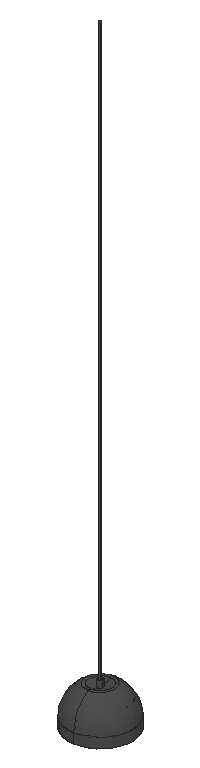
Revit family "Lighting_Pendants_Zero_Bob", category Lighting Fixtures, host Ceiling, Revit 2020
Family settings
  Host = Ceiling
  Round Connector Dimension = Use Diameter
  Part Type = Normal
  OmniClass Number = 23.80.70.00
  OmniClass Title = Lighting
  Always vertical = Yes
  Cut with Voids When Loaded = No
  Light Source = Yes
  Shared = No
  Room Calculation Point = No
Parameters (values of type "Bob Pendant - Black")
  Youtube clip = ""
  Weight Net (Kg) = "0"
  Wattage = 5.58765 W
  WarrantyStartDate [instance] = "n/a"
  WarrantyGuarantorParts = "n/a"
  WarrantyGuarantorLabor = "n/a"
  WarrantyDurationUnit = "Year"
  WarrantyDurationParts = "n/a"
  WarrantyDurationLabor = "n/a"
  WarrantyDescription = "n/a"
  built-in parameter 1150110 = 1 (stored number, unit not read)
  VersionDate = "31/08/2023"  # constant formula
  Version = "3"  # constant formula
  UsageCurrent = 0 A
  Uniformat II Description = ""
  Uniformat II Code = ""
  Uniclass2015Reference = "Pr_70_70_48_86"
  Uniclass2015Description = "Suspended luminaires"
  Uniclass2 = "Pr_70_70_49_86"
  Uniclass 2015 Name = ""
  Uniclass 2015 Code = ""
  Uniclass 2.0 Description = ""
  Uniclass 2.0 Code = ""
  Uniclass 1.4 Description = ""
  Uniclass 1.4 Code = ""
  URL = "https://www.zerolighting.com/pendants#/bob-inompe"
  UNSPSC Code = ""
  TotalWattage = 10 W
  built-in parameter 1114217 = 1 (stored number, unit not read)
  Tilt Angle = 90.00°
  built-in parameter 1150109 = 1 (stored number, unit not read)
  built-in parameter 1150134 = (empty or 0)
  Technical description = ""
  TagNumber [instance] = "n/a"
  SustainabilityPerformance = "n/a"
  built-in parameter 1150113 = 1 (stored number, unit not read)
  Size = "260x260x155 mm"
  Shape = "Sculptured"
  SerialNumber [instance] = "n/a"
  Revision = "2"  # constant formula
  ReplacementCost = "n/a"
  Region South America = "None"
  Region Oceania = "AU, NZ"
  Region North America = "BZ, CR, GT, HN, MX, NI, PA, SV, US"
  Region Middle East = "AE"
  Region Europe = "AD, AL, AT, AX, BA, BE, BG, BY, CH, CY, CZ, DE, DK, EE, ES, FI, FO, FR, GB, GG, GI, GR, HR, HU, IE, IM, IS, IT, JE, LI, LT, LU, LV, MC, MD, ME, MK, MT, NL, NO, PL, PT, RO, RS, RU, SE, SI, SJ, SK, SM, UA, VA"
  Region Asia = "HK, JP, SG"
  Region Antarctica = "None"
  Region Africa = "None"
  ProductInformation = "In collaboration with well-known furniture brand Blå Station, Zero has provided their Bob sofa system with a fixture that takes its contours to new heights while being anchored in the backrest. Zero also offers a freestanding floor-lamp version and a pendant with the same likeable, round character. A dimmable LED behind a convex glare shield provides intimate and screened-off illumination; available in standard black or white. LED 10W/3000K."
  ProductDatasheet = "https://static1.squarespace.com/static/5943d7dcc534a5f4dd214abc/t/5d493332c8554a00019692a9/1565078334236/Bob-pendel.pdf"
  Product group = "Pendants"
  Product family = "Bob"
  Product certification = ""
  Product SKU = "Bob_pend"
  Product Guid = "7f154c0d-d268-448b-8e0b-3fc9583b5b32"
  Photometric Web File = "Bob191051-3000K.IES"
  PhaseReference = "n/a"
  PhaseAngle = 0.00°
  OmniClass Description = ""
  OmniClass Code = ""
  NumberOfSources = 0
  NumberOfPoles = 1
  Nominal_Width = 260 mm
  Nominal_Radius = 130 mm
  Nominal_Length = 260 mm
  Nominal_Height [instance] = TotalHeightControl  # 2500 mm
  Nominal_Diameter = 260 mm
  NominalVoltageCalc = 0 V
  NominalVoltage = 230 V
  NominalFrequencyRange = 50 Hz
  NominalCurrent = 0 A
  Nominal width = 0 mm
  Nominal height = 0 mm
  Name = "Zero_Bob"  # constant formula
  NBSReference = "90-60-50/405"
  NBSDescription = "General purpose luminaires"
  NBS Reference Description = ""
  NBS Reference Code = ""
  ModelReference = ArticleNumber  # "19100106-30"
  ModelNumber = "n/a"
  Model = "Bob Pendant - Black"
  Material secondary = ""
  Material main = ""
  Material = "Metal & plastic"
  Masterformat 2014 Description = ""
  Masterformat 2014 Code = ""
  ManufacturersSpecificInformation = "n/a"
  ManufacturerURL = "https://www.zerolighting.com/"
  ManufacturerName = "Zero"
  Manufacturer name = "ZERO"
  Manufacturer country = "Sweden"
  Manufacturer = "Zero"
  MaintenanceFactor = 0
  Lumens = 830 lm
  built-in parameter 1150115 = 1 (stored number, unit not read)
  built-in parameter 1150105 = 66.049 (stored number, unit not read)
  LightFixtureSecondaryMaterial = Black 9005 RAL
  LightFixturePlacingType = "Ceilling"
  LightFixtureMountingType = "Suspended"
  LightFixtureMainMaterial = Black 9005 RAL
  built-in parameter 1150137 = (empty or 0)
  built-in parameter 1150139 = (empty or 0)
  LensMaterial = Mat Acrylic
  built-in parameter 1150112 = 1 (stored number, unit not read)
  built-in parameter 1150114 = 1 (stored number, unit not read)
  InsulationStandardClass = "n/a"
  InstallationDate [instance] = "n/a"
  Installation instructions = ""
  built-in parameter 1150132 = 2
  built-in parameter 1150102 = (empty or 0)
  built-in parameter 1150138 = (empty or 0)
  built-in parameter 1150107 = 3000 (stored number, unit not read)
  built-in parameter 1150106 = 0.66049 (stored number, unit not read)
  IfcExportType = "NOTDEFINED"  # constant formula
  IfcExportAs = "IfcLightFixtureType"  # constant formula
  IP_Code = "IP20"
  IFC Classification = ""
  HasProtectiveEarth = no
  Grade = "n/a"
  GTIN code = ""
  Finish = "Painted aluminum. White RAL 9010, black RAL 9005. Other colours on request. Matt acrylic diffuser."
  Features = "Suspended from ceiling 2,5 m cable. Including cable-cup. Terminalblock 3x4 mm2."
  ExpectedLife = "n/a"
  ElectricalDeviceNominalPower = 10
  built-in parameter 1150104 = 13.8 (stored number, unit not read)
  Edition number = 1
  DurationUnit = "Year"
  Dimming Lamp Color Temperature Shift = <None>
  Dimming = "n/a"
  Designer = "Thomas Bernstrand & Stefan Borselius"
  Design country = "Sweden"
  Description = "In collaboration with well-known furniture brand Blå Station, Zero has provided their Bob sofa system with a fixture that takes its contours to new heights while being anchored in the backrest. Zero also offers a freestanding floor-lamp version and a pendant with the same likeable, round character. A dimmable LED behind a convex glare shield provides intimate and screened-off illumination; available in standard black or white. LED 10W/3000K."
  DefaultElevation = 0 mm
  Default Elevation = 0 mm
  Date of publishing = ""
  Constituents = "n/a"
  Color Filter = 16777215
  Color = "Black"
  Collection = "Bob"
  CodePerformance = "n/a"
  Category = "Pendant Fixtures"
  TotalHeightControl [instance] = if(TotalHeight < 300 mm, 300 mm, (if(TotalHeight > 2500 mm, 2500 mm, TotalHeight)))  # 2500 mm
  TotalHeight [instance] = 2500 mm
  CRI = ">80"
  COBIe Type Category = ""
  Brand url = "http://www.zero.se"
  Brand = "Zero"
  Barcode [instance] = "n/a"
  built-in parameter 1114218 = 1 (stored number, unit not read)
  BIMObjectName = "Lighting_Pendants_Zero_Bob"  # constant formula
  Author = "BIMstone"  # constant formula
  built-in parameter 1150133 = 10 (stored number, unit not read)
  AssetType = "Fixed"
  AssetIdentifier [instance] = "n/a"
  ArticleNumber = "19100106-30"
  AccessibilityPerformance = "n/a"
Types (4, lengths in mm): name | Photometric Web File | ModelReference | Model | LightFixtureSecondaryMaterial | LightFixtureMainMaterial | Features | Dimming | Color | ArticleNumber
  Bob Pendant - White | "Bob191001-3000K.IES" | "19100101-30" | "Bob Pendant - White" | White RAL 9010 | White RAL 9010 | "Suspended from ceiling 2,5 m cable. Including cable-cup. Terminalblock 3x4 mm2." | "n/a" | "White" | "19100101-30"
  Bob Pendant DALI - White | "Bob191001-3000K.IES" | "19100101D30" | "Bob Pendant DALI - White" | White RAL 9010 | White RAL 9010 | "Suspended from ceiling 2,5 m cable. Including cable-cup. Terminalblock 5x4 mm2." | "Dimmable DALI or SwitchDim." | "White" | "19100101D30"
  Bob Pendant - Black | "Bob191051-3000K.IES" | "19100106-30" | "Bob Pendant - Black" | Black 9005 RAL | Black 9005 RAL | "Suspended from ceiling 2,5 m cable. Including cable-cup. Terminalblock 3x4 mm2." | "n/a" | "Black" | "19100106-30"
  Bob Pendant DALI - Black | "Bob191051-3000K.IES" | "19100106D30" | "Bob Pendant DALI - Black" | Black 9005 RAL | Black 9005 RAL | "Suspended from ceiling 2,5 m cable. Including cable-cup. Terminalblock 5x4 mm2." | "Dimmable DALI or SwitchDim" | "Black" | "19100106D30"
Reference planes
  plane 1 "Light Source Axis (F/B)": y = 0
  plane 2: z = 0
  plane 3 "Light Source Axis (L/R)": x = 0
  plane 4 "Ceiling": z = 4000
  plane 5 "Light Source Elevation": z = 1500
  plane 6: z = 1670.395
  plane 7: x = -130
  plane 8: y = -130
  plane 9: y = 130
  plane 10: x = 130
Forms (mm)
  Revolve 1, solid, material "Black 9005 RAL" <- "LightFixtureSecondaryMaterial", detail levels medium+fine
    sketch origin (0, 0, 0) x (1, 0, 0) y (0, 0, 1)
      loop
        line (0, 1670.395) -> (3, 1670.395) -> (3, 4000) -> (0, 4000) -> (0, 1670.395)
      axis (0, 4000) -> (0, 1670.395)
    angle from 0 to 360
  Extrusion 2, solid, material "Black 9005 RAL" <- "LightFixtureMainMaterial", detail levels coarse
    sketch origin (0, 0, 1500) x (-1, 0, 0) y (0, -1, 0)
      loop
        line (130, 130) -> (-130, 130) -> (-130, -130) -> (130, -130) -> (130, 130)
    from 0 to 2500
Lines and regions (mm)
  symbolic lines, detail levels medium+fine
    curve 1: line (3, 0, 1670.395) -> (3, 0, 4000)
    curve 2: line (3, 0, 4000) -> (-3, 0, 4000)
    curve 3: line (-3, 0, 4000) -> (-3, 0, 1670.395)
    curve 4: line (0, 3, 1670.395) -> (0, 3, 4000)
    curve 5: line (0, 3, 4000) -> (0, -3, 4000)
    curve 6: line (0, -3, 4000) -> (0, -3, 1670.395)
Dimensions and locks
  equal spacing: host sketch curve, plane 3 "Light Source Axis (L/R)", host sketch curve
  equal spacing: host sketch curve, plane 1 "Light Source Axis (F/B)", host sketch curve
  host sketch curve to host sketch curve = 4000 mm  (x2)
  locked: plane 4 "Ceiling" to host ceiling
  locked: plane 5 "Light Source Elevation" to plane 6 at 170.395
  "TotalHeightControl": plane 5 "Light Source Elevation" to plane 4 "Ceiling"
  equal spacing: plane 7, plane 3 "Light Source Axis (L/R)", plane 10
  "Nominal_Length": plane 7 to plane 10
  equal spacing: plane 8, plane 1 "Light Source Axis (F/B)", plane 9
  "Nominal_Width": plane 9 to plane 8
  aligned and locked: plane 3 "Light Source Axis (L/R)" to imposter light
  aligned and locked: plane 1 "Light Source Axis (F/B)" to imposter light
  aligned and locked: plane 5 "Light Source Elevation" to imposter light
  aligned and locked: Revolve 1 to plane 4 "Ceiling"
  aligned and locked: plane 6 to Revolve 1
  aligned and locked: Extrusion 2 sketch curve to plane 7
  aligned and locked: Extrusion 2 sketch curve to plane 10
  aligned and locked: Extrusion 2 sketch curve to plane 8
  aligned and locked: Extrusion 2 sketch curve to plane 9
  aligned and locked: Extrusion 2 to plane 4 "Ceiling"
  aligned and locked: plane 5 "Light Source Elevation" to Extrusion 2
  aligned and locked: nested 1 to plane 5 "Light Source Elevation"
Automatic sketch dimensions
  plane 4 "Ceiling" to curve 6 = 0 mm
  curve 6 to plane 6 = 0 mm
  curve 4 to plane 6 = 0 mm
  plane 1 "Light Source Axis (F/B)" to curve 6 = 3 mm
  curve 5 to plane 1 "Light Source Axis (F/B)" = 3 mm
  Revolve 1 sketch curve to plane 3 "Light Source Axis (L/R)" = 0 mm  (x2)
  Revolve 1 sketch curve to plane 4 "Ceiling" = 0 mm
  Revolve 1 sketch curve to plane 6 = 0 mm
  plane 3 "Light Source Axis (L/R)" to Revolve 1 sketch curve = 3 mm
  Revolve 1 sketch curve to Revolve 1 sketch curve = 10.338 mm
  Revolve 1 sketch curve to Revolve 1 sketch curve = 52.535 mm
  curve 3 to plane 4 "Ceiling" = 0 mm
  curve 3 to plane 6 = 0 mm
  curve 1 to plane 6 = 0 mm
  curve 3 to plane 3 "Light Source Axis (L/R)" = 3 mm
  plane 3 "Light Source Axis (L/R)" to curve 2 = 3 mm
Nested families
  nested 1: "Bob-pendant" at (0, 0, 1500), MainMaterial <- "LightFixtureMainMaterial", SecondaryMaterial <- "LensMaterial", TertiaryMaterial <- "LightFixtureSecondaryMaterial", type "Bob-pendant"
    with TertiaryMaterial Black 9005 RAL, SecondaryMaterial Mat Acrylic, MainMaterial Black 9005 RAL, CableLength 540 mm
Connectors
  electrical at (0, 0, 4000), driven by "NominalVoltage"
    settings: on Extrusion 2, index 1, voltage 230 V, apparent load 0 VA, apparent load phase1 0 VA, apparent load phase2 0 VA, apparent load phase3 0 VA, power factor 1, load classification "Other", number of poles 1, system type 31, power factor state 1, is connector primary yes, connector utility no, sub classification motor no, connector description ""
Definition of nested family "Bob-pendant"
  Parameters (values of type "Bob-pendant")
    TertiaryMaterial [instance] = none
    SecondaryMaterial [instance] = none
    MainMaterial [instance] = none
    Default Elevation = 0 mm
    CableLength [instance] = 540 mm
  Reference planes
    plane 1 "Center (Front/Back)": y = 0
    plane 2: z = 0
    plane 3 "Center (Left/Right)": x = 0
  Forms (mm)
    Revolve 1, solid, material <- "MainMaterial", detail levels medium+fine
      sketch origin (0.113, 0.077, -1540.999) x (0, 1, 0) y (0, 0, 1)
        loop
          line (-130.303, 1540.999) -> (-127.303, 1540.999) -> (-127.303, 1580.999)
          arc (-127.303, 1580.999) -> (-107.52, 1649.071) -> (-54.334, 1695.937) r 127.007
          line (-54.334, 1695.937) -> (-51.616, 1695.937)
          arc (-51.616, 1695.937) -> (-26.567, 1686.666) -> (0, 1683.913) r 106.605
          line (0, 1683.913) -> (0, 1687.156)
          arc (0, 1687.156) -> (-24.437, 1689.482) -> (-47.648, 1697.472) r 103.998
          arc (-47.648, 1697.472) -> (-52.919, 1698.662) -> (-58.176, 1697.411) r 11.963
          arc (-58.176, 1697.411) -> (-110.81, 1649.472) -> (-130.303, 1580.999) r 130.007
          line (-130.303, 1580.999) -> (-130.303, 1540.999)
        axis (0, 1697.472) -> (0, 1540.999)
      angle from 0 to 360
    Revolve 2, solid, material <- "SecondaryMaterial", detail levels medium+fine
      sketch origin (0.113, 0.077, -1540.999) x (0, 1, 0) y (0, 0, 1)
        loop
          line (0, 1651.002) -> (-106.319, 1651.002) -> (-106.319, 1648.018) -> (-96.319, 1648.018)
          arc (-96.319, 1648.018) -> (-86.609, 1644.72) -> (-77.525, 1639.96) r 66.14
          arc (-77.525, 1639.96) -> (-53.719, 1632.283) -> (-28.951, 1628.78) r 146.046
          arc (-28.951, 1628.78) -> (-14.482, 1628.151) -> (0, 1628.075) r 378.997
          line (0, 1628.075) -> (0, 1631.066)
          arc (0, 1631.066) -> (-16.887, 1631.274) -> (-33.757, 1632.051) r 502.208
          arc (-33.757, 1632.051) -> (-60.917, 1637.355) -> (-86.455, 1648.018) r 136.809
          line (-86.455, 1648.018) -> (0, 1648.018) -> (0, 1651.002)
        axis (0, 1651.002) -> (0, 1628.075)
      angle from 0 to 360
    Extrusion 3, solid, material <- "MainMaterial", detail levels medium+fine
      sketch origin (0, 0, 0) x (1, 0, 0) y (0, 1, 0)
        loop
          circle (0, 0) r 11
        loop
          circle (0, 0) r 9
      from 143.718 to 170.395
    Extrusion 4, solid, material <- "TertiaryMaterial", detail levels medium+fine
      sketch origin (0, 0, 0) x (1, 0, 0) y (0, 1, 0)
        loop
          circle (0, 0) r 3
      from 146.491 to 170.395
  Cuts and joins
    joined: Revolve 1, Extrusion 3
  Lines and regions (mm)
    symbolic lines, detail levels medium+fine
      curve 1: arc (0.059, -130.303, 0) -> (-130.129, 5.448, 0) -> (10.947, 129.847, 0) r 130.303
      curve 2: arc (10.947, 129.847, 0) -> (130.248, -5.448, 0) -> (0.059, -130.303, 0) r 130.303
      curve 4: line (0, -130, 0) -> (0, 130, 0)
      curve 5: line (0, -52.986, 157.643) -> (0, -11, 157.643)
      curve 6: arc (0, 130, 51.113) -> (0, 106.234, 115.035) -> (0, 52.986, 157.643) r 127.842
      curve 7: arc (0, -130, 51.113) -> (0, -106.234, 115.035) -> (0, -52.986, 157.643) r 127.842
      curve 8: line (0, 130, 0) -> (0, 130, 51.113)
      curve 9: line (0, -130, 0) -> (0, -130, 51.113)
      curve 10: line (0, 11, 170.395) -> (0, 11, 157.643)
      curve 11: line (0, 11, 170.395) -> (0, 3, 170.395)
      curve 12: line (0, -11, 170.395) -> (0, -11, 157.643)
      curve 13: line (0, 11, 157.643) -> (0, 52.986, 157.643)
      curve 15: line (-130, 0, 0) -> (-130, 0, 42.191)
      curve 16: line (130, 0, 0) -> (130, 0, 42.191)
      curve 17: line (-130, 0, 0) -> (130, 0, 0)
      curve 19: line (-11, 0, 170.395) -> (-3, 0, 170.395)
      curve 20: line (11, 0, 170.395) -> (11, 0, 157.695)
      curve 21: line (-11, 0, 170.395) -> (-11, 0, 157.695)
      curve 23: line (11, 0, 157.695) -> (56, 0, 157.695)
      curve 24: arc (56, 0, 157.695) -> (109.647, 0, 110.608) -> (130, 0, 42.191) r 128.858
      curve 25: arc (-56, 0, 157.695) -> (-109.647, 0, 110.608) -> (-130, 0, 42.191) r 128.858
      curve 26: line (-11, 0, 157.695) -> (-56, 0, 157.695)
      curve 28: line (3, 0, 170.395) -> (11, 0, 170.395)
      curve 30: line (0, -3, 170.395) -> (0, -11, 170.395)
      curve 31: line (0, 3, 710.395) -> (0, -3, 710.395)
    symbolic lines, detail levels fine
      curve 3: line (0, -130.226, 40) -> (0, 130.38, 40)
      curve 14: line (0, -11, 157.643) -> (0, 11, 157.643)
      curve 18: line (130, 0, 40) -> (-130, 0, 40)
      curve 22: line (-11, 0, 157.695) -> (11, 0, 157.695)
      curve 27: line (-3, 0, 170.395) -> (3, 0, 170.395)
      curve 29: line (0, 3, 170.395) -> (0, -3, 170.395)
      curve 32: arc (0.113, -127.226, 0) -> (-127.19, 0.077, 0) -> (0.113, 127.38, 0) r 127.303
      curve 33: arc (0.113, 127.38, 0) -> (127.415, 0.077, 0) -> (0.113, -127.226, 0) r 127.303
      curve 34: arc (0.113, -106.242, 0) -> (-106.206, 0.077, 0) -> (0.113, 106.395, 0) r 106.319
      curve 35: arc (0.113, 106.395, 0) -> (106.431, 0.077, 0) -> (0.113, -106.242, 0) r 106.319
      curve 36: arc (0.113, 96.395, 0) -> (-96.206, 0.077, 0) -> (0.113, -96.242, 0) r 96.319
      curve 37: arc (0.113, -96.242, 0) -> (96.431, 0.077, 0) -> (0.113, 96.395, 0) r 96.319
      curve 38: arc (0.113, -54.257, 0) -> (54.447, 0.077, 0) -> (0.113, 54.411, 0) r 54.334
      curve 39: arc (0.113, 54.411, 0) -> (-54.221, 0.077, 0) -> (0.113, -54.257, 0) r 54.334
  Dimensions and locks
    aligned and locked: level to plane 2
